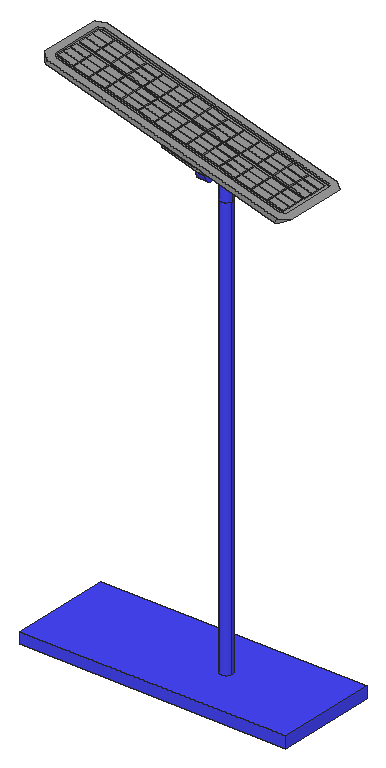
Revit family "BLS-6A", category Lighting Fixtures, host Face, Revit 2026
Family settings
  Host = Face
  Round Connector Dimension = Use Diameter
  Part Type = Normal
  Cut with Voids When Loaded = No
  Light Source = Yes
  Maintain Annotation Orientation = No
  Shared = No
  Room Calculation Point = No
Parameters (values of type "BLS-6A")
  Wattage Comments = "33.9W"
  Wattage = 33.9 W
  built-in parameter 1150110 = 1 (stored number, unit not read)
  Type Image = BLS-6A IMAGE.png
  Type Comments = ""
  built-in parameter 1114217 = 0.9 (stored number, unit not read)
  Tilt Angle = 30.00°
  built-in parameter 1150109 = 1 (stored number, unit not read)
  built-in parameter 1150134 = (empty or 0)
  built-in parameter 1150113 = 1 (stored number, unit not read)
  Photometric Web File = "BLS-6A-5700°K.ies"
  POLE MATERIAL = BRACKET
  POLE HEIGHT = 7.0 ft
  built-in parameter 1150142 = "IESNA:LM-63-2002\r\n[TEST] -         \r\n[TESTLAB]  BEGHELLI        \r\n[TESTDATE] 2017-2-14         \r\n[ISSUEDATE] 2017-2-14 15:9:47        \r\n[NEARFIELD]          \r\n[LAMPPOSITION] \"0,0\"         \r\n[OTHER] \r\n[MANUFAC] BEGHELLI    \r\n[LUMCAT] BLS-6A-5700°K         \r\n[OTHER] TOTAL LUMINAIRE WATTS REPRESENT LUMINAIRE POWER DELIVERY\r\nTILT=NONE\r\n1 6110.39 0.8 181 17 1 2 0 0 0\r\n1 1 33.9\r\n0 1 2 3 4 5 6 7 8 9 10 11 12 13 14 15 16 17 18 19 20 21 22 23 24 25 26 27 28 29 30 31 32 33 34 35 36 37 38 39 40 41 42 43 44 45 46 47 48 49 50 51 52 53 54 55 56 57 58 59 60 61 62 63 64 65 66 67 68 69 70 71 72 73 74 75 76 77 78 79 80 81 82 83 84 85 86 87 \r\n88 89 90 91 92 93 94 95 96 97 98 99 100 101 102 103 104 105 106 107 108 109 110 111 112 113 114 115 116 117 118 119 120 121 122 123 124 125 126 127 128 129 130 131 132 133 134 135 136 137 138 139 140 141 142 143 144 145 146 147 148 149 150 151 152 153 154\r\n 155 156 157 158 159 160 161 162 163 164 165 166 167 168 169 170 171 172 173 174 175 176 177 178 179 180\r\n0 22.5 45 67.5 90 112.5 135 157.5 180 202.5 225 247.5 270 292.5 315 337.5 360\r\n2083.505 2081.99 2076.73 2070.26 2064.82 2061.64 2053.45 2042.52 2037.08 2035.00 2037.02 2041.54 2051.86 2057.67 2062.25 2063.29 2063.35 2074.66 2092.68 2106.00 2113.27 2123.78 2128.18 2129.22 2116.21 2082.29 2050.21 2014.59 1981.23 1946.89 1919.45 \r\n1893.60 1867.70 1839.89 1818.45 1795.41 1765.65 1730.34 1687.01 1623.53 1555.76 1498.32 1440.15 1388.83 1345.99 1313.79 1290.20 1288.49 1313.48 1407.34 1544.58 1520.14 1320.63 1129.99 907.94 736.66 634.80 566.86 524.14 488.28 461.33 440.25 420.63 405.48 \r\n384.71 365.21 341.44 337.23 325.37 319.94 307.84 296.04 288.83 274.60 265.31 258.89 259.20 255.78 196.93 139.25 102.53 97.88 103.44 59.82 30.42 24.31 16.92 10.69 6.41 2.50 0.00 0.00 0.00 0.00 0.00 0.00 0.00 0.00 0.00 0.00 0.00 0.00 0.00 0.00 0.00 0.00 \r\n0.00 0.00 0.00 0.00 0.00 0.00 0.00 0.00 0.00 0.00 0.00 0.00 0.00 0.00 0.00 0.00 0.00 0.00 0.00 0.00 0.00 0.00 0.00 0.00 0.00 0.00 0.00 0.00 0.00 0.00 0.00 0.00 0.00 0.00 0.00 0.00 0.00 0.00 0.00 0.00 0.00 0.00 0.00 0.00 0.00 0.00 0.00 0.00 0.00 0.00 0.00 \r\n0.00 0.00 0.00 0.00 0.00 0.00 0.00 0.00 0.00 0.00 0.00 0.00 0.00 0.00 0.00 0.00 0.00 0.00 0.00 0.00 0.00 0.00 0.00 0.00\r\n2083.505 2082.54 2078.75 2069.46 2059.44 2054.12 2050.21 2043.86 2041.29 2041.29 2046.91 2054.25 2060.54 2062.07 2068.30 2078.08 2087.30 2093.05 2097.26 2102.21 2101.97 2096.41 2092.19 2090.67 2085.84 2082.23 2075.02 2059.44 2038.97 2011.78 1979.15 \r\n1944.57 1905.70 1867.64 1834.64 1806.90 1778.06 1746.83 1712.68 1666.79 1615.52 1560.83 1495.39 1436.36 1374.77 1319.53 1275.97 1241.87 1227.94 1225.62 1244.99 1357.91 1467.41 1399.52 1202.40 1035.95 871.09 766.73 691.75 651.79 615.25 586.47 558.12 528.30\r\n 502.39 479.66 456.32 443.55 431.76 417.58 399.00 387.21 368.70 356.29 345.60 327.21 307.10 278.26 260.48 245.82 221.80 171.51 130.33 91.96 87.19 68.61 35.68 24.25 19.06 13.07 7.76 2.44 0.06 0.00 0.00 0.00 0.00 0.00 0.00 0.00 0.00 0.00 0.00 0.00 0.00 0.00\r\n 0.00 0.00 0.00 0.00 0.00 0.00 0.00 0.00 0.00 0.00 0.00 0.00 0.00 0.00 0.00 0.00 0.00 0.00 0.00 0.00 0.00 0.00 0.00 0.00 0.00 0.00 0.00 0.00 0.00 0.00 0.00 0.00 0.00 0.00 0.00 0.00 0.00 0.00 0.00 0.00 0.00 0.00 0.00 0.00 0.00 0.00 0.00 0.00 0.00 0.00 0.00\r\n 0.00 0.00 0.00 0.00 0.00 0.00 0.00 0.00 0.00 0.00 0.00 0.00 0.00 0.00 0.00 0.00 0.00 0.00 0.00 0.00 0.00 0.00 0.30 0.00\r\n2083.505 2089.20 2088.59 2077.41 2065.98 2057.85 2057.36 2063.23 2072.76 2078.93 2083.64 2086.75 2089.50 2089.26 2089.26 2079.30 2067.20 2057.36 2048.69 2042.27 2041.90 2041.54 2027.24 2011.60 2002.06 1988.38 1983.12 1981.29 1978.84 1974.32 1969.80 \r\n1962.10 1953.61 1941.69 1928.98 1910.10 1902.46 1895.56 1886.15 1870.20 1851.08 1833.36 1813.44 1788.14 1754.72 1711.45 1667.52 1624.38 1573.79 1505.47 1428.42 1375.75 1341.10 1329.13 1327.17 1326.13 1337.19 1392.55 1364.87 1272.30 1167.81 1060.39 988.17 \r\n944.72 913.50 889.85 876.35 867.12 849.58 833.02 791.05 725.42 650.08 581.40 519.68 473.00 436.77 413.55 387.45 360.14 323.91 280.71 242.94 217.22 202.62 175.30 140.60 111.08 90.00 75.52 51.51 33.48 13.99 4.15 0.00 0.00 0.00 0.00 0.00 0.00 0.00 0.00 0.00 \r\n0.00 0.00 0.00 0.00 0.00 0.00 0.00 0.00 0.00 0.00 0.00 0.00 0.00 0.00 0.00 0.00 0.00 0.00 0.00 0.00 0.00 0.00 0.00 0.00 0.00 0.00 0.00 0.00 0.00 0.00 0.00 0.00 0.00 0.00 0.00 0.00 0.00 0.00 0.00 0.00 0.00 0.00 0.00 0.00 0.00 0.00 0.00 0.00 0.00 0.00 0.00 \r\n0.00 0.00 0.00 0.00 0.00 0.00 0.00 0.00 0.00 0.00 0.00 0.00 0.00 0.00 0.00 0.00 0.00 0.00 0.30 0.30 0.30 0.30 0.30 0.30 0.30 0.30 0.00\r\n2083.505 2089.50 2083.58 2066.71 2052.29 2043.07 2040.07 2039.40 2039.34 2038.30 2039.34 2044.23 2047.46 2048.56 2049.60 2046.12 2045.75 2047.16 2050.28 2059.56 2068.18 2070.75 2069.83 2070.13 2076.73 2081.32 2094.64 2091.70 2063.66 2044.10 2035.24 \r\n2024.25 2013.49 2014.22 2034.39 2058.22 2072.21 2069.46 2049.48 2026.87 2016.61 2019.85 2033.17 2034.75 2030.17 2023.33 2021.37 2026.57 2031.82 2034.02 2033.72 2029.99 2026.38 2023.82 2016.36 2008.79 2015.87 1996.63 1971.02 1929.17 1864.70 1785.45 1658.90\r\n 1547.70 1467.22 1344.28 1231.73 1136.10 1085.02 1105.91 1056.91 958.23 860.09 730.37 603.21 505.75 484.18 501.23 470.07 406.27 331.24 287.18 284.74 244.11 198.40 190.33 167.54 116.34 86.15 79.61 65.80 43.44 25.96 13.25 2.81 0.00 0.00 0.00 0.00 0.00 0.00 \r\n0.00 0.00 0.00 0.00 0.00 0.00 0.00 0.00 0.00 0.00 0.00 0.00 0.00 0.00 0.00 0.00 0.00 0.00 0.00 0.00 0.00 0.00 0.00 0.00 0.00 0.00 0.00 0.00 0.00 0.00 0.00 0.00 0.00 0.00 0.00 0.00 0.00 0.00 0.00 0.00 0.00 0.00 0.00 0.00 0.00 0.00 0.00 0.00 0.00 0.00 0.00 \r\n0.00 0.00 0.00 0.00 0.00 0.00 0.00 0.00 0.00 0.00 0.00 0.00 0.00 0.00 0.00 0.00 0.00 0.00 0.00 0.00 0.00 0.00 0.00 0.00 0.00 0.00 0.67 0.67 0.00\r\n2083.505 2094.39 2089.57 2076.79 2058.59 2050.03 2052.96 2065.49 2082.84 2098.61 2117.67 2129.59 2123.42 2114.13 2102.27 2086.08 2064.02 2043.13 2024.37 2012.82 2012.82 2012.57 2018.38 2051.13 2077.71 2074.84 2074.59 2076.61 2075.51 2067.51 2047.10 \r\n2041.60 2043.61 2055.96 2056.57 2047.46 2032.01 2019.91 2009.70 2002.06 1995.77 1987.64 1977.62 1967.72 1960.70 1954.16 1944.63 1936.62 1925.62 1910.90 1902.77 1896.23 1891.77 1894.22 1903.01 1907.96 1895.38 1854.01 1798.22 1728.56 1654.93 1567.19 1479.32\r\n 1390.29 1333.71 1321.55 1347.34 1325.22 1221.65 1096.63 958.84 836.26 760.98 777.60 803.94 743.45 639.20 546.08 494.94 425.03 323.78 329.83 339.79 269.22 196.14 140.53 106.62 80.59 64.58 56.03 47.72 35.99 25.60 14.66 5.43 0.00 0.00 0.30 0.00 0.97 0.67 \r\n0.67 0.67 0.67 0.67 0.97 0.97 0.97 0.97 0.97 0.97 0.97 0.97 0.97 0.97 0.97 0.97 0.97 0.97 0.97 0.97 0.97 0.97 0.97 0.97 0.97 0.97 0.97 0.97 0.97 0.97 0.97 0.97 0.97 0.97 0.97 0.97 0.97 0.97 0.97 0.97 0.97 0.97 0.97 0.97 0.97 0.97 0.97 0.97 0.97 0.97 0.97 \r\n0.97 0.97 0.97 0.97 0.97 0.97 0.97 0.97 0.97 0.97 0.97 0.97 0.97 0.97 0.97 0.97 0.67 0.67 0.67 0.67 0.67 0.67 0.97 0.30 0.30 0.30 0.30 0.30 0.00\r\n2083.505 2093.35 2089.63 2076.12 2063.35 2061.03 2065.25 2082.66 2111.87 2118.90 2108.63 2083.39 2046.36 1999.19 1959.90 1933.75 1930.69 1936.74 1939.07 1934.24 1919.15 1899.41 1892.57 1897.15 1909.68 1919.76 1920.55 1914.01 1901.18 1891.10 1888.29 \r\n1887.01 1890.61 1911.63 1934.73 1943.71 1943.40 1945.67 1953.30 1961.37 1963.14 1958.86 1947.38 1936.68 1923.91 1912.55 1894.28 1875.03 1859.51 1842.28 1824.25 1802.32 1765.90 1724.53 1674.85 1623.65 1570.06 1509.87 1440.52 1375.32 1314.58 1257.57 1205.70\r\n 1153.51 1091.13 1012.06 932.26 857.83 785.91 701.10 628.69 565.69 509.66 461.63 403.65 340.40 287.31 256.39 232.56 197.42 163.51 140.41 125.07 111.33 93.30 68.25 46.86 32.75 27.13 26.39 21.63 13.68 6.96 0.67 0.00 0.00 0.00 0.00 0.30 0.67 0.30 1.03 0.67 \r\n0.67 0.67 0.67 0.67 0.67 0.67 0.67 0.67 0.67 0.67 0.67 0.67 0.67 0.67 0.67 0.67 0.67 0.67 0.67 0.67 0.67 0.67 0.67 0.67 0.67 0.67 0.67 0.67 0.67 0.67 0.67 0.67 0.67 0.67 0.67 0.67 0.67 0.67 0.67 0.67 0.67 0.67 0.67 0.67 0.67 0.67 0.67 0.67 0.67 0.67 0.67 \r\n0.67 0.67 0.67 0.67 0.67 0.67 0.67 0.67 0.67 0.67 0.67 0.67 0.67 0.67 0.67 0.67 0.67 0.67 0.67 0.67 0.67 0.67 0.67 0.67 0.67 0.67 0.00\r\n2083.505 2090.24 2080.77 2064.82 2050.52 2034.39 2024.00 2012.82 1984.22 1935.95 1878.45 1823.03 1776.65 1739.56 1711.27 1704.43 1690.50 1651.21 1618.88 1601.77 1590.47 1583.14 1573.79 1562.97 1552.89 1540.73 1526.37 1510.24 1493.44 1474.37 1460.74 \r\n1452.07 1452.07 1452.74 1452.43 1452.07 1451.64 1448.04 1435.94 1419.99 1397.32 1374.53 1351.92 1333.65 1321.86 1308.17 1295.64 1282.08 1268.45 1254.89 1237.84 1211.01 1175.82 1129.56 1073.16 1013.71 954.62 897.86 842.80 795.32 760.43 724.08 674.34 604.92\r\n 530.32 460.05 399.80 367.66 353.60 325.25 286.33 250.77 222.96 207.20 193.57 184.90 176.83 161.92 145.48 125.75 110.90 111.14 106.62 97.88 79.00 51.63 32.81 22.91 20.89 19.36 12.83 5.56 0.00 0.00 0.00 0.00 0.00 0.00 0.00 0.30 0.00 0.00 0.67 0.67 1.03 \r\n1.03 1.03 1.03 1.03 1.03 1.03 1.03 1.03 1.03 1.03 1.03 1.03 1.03 1.03 1.03 1.03 1.03 1.03 1.03 1.03 1.03 1.03 1.03 1.03 1.03 1.03 1.03 1.03 1.03 1.03 1.03 1.03 1.03 1.03 1.03 1.03 1.03 1.03 1.03 0.67 0.67 0.67 0.67 0.67 0.67 0.67 0.67 0.67 0.67 0.67 0.67 \r\n0.67 0.67 0.67 0.67 0.67 0.67 0.67 0.67 0.67 0.67 0.67 0.67 0.67 0.67 0.67 0.30 0.30 0.30 0.30 0.30 0.30 0.30 0.30 0.30 0.00\r\n2083.505 2086.02 2072.39 2046.79 2016.48 1989.35 1962.04 1910.10 1866.29 1837.88 1806.90 1766.75 1714.75 1671.31 1639.35 1613.81 1596.76 1582.95 1567.80 1551.73 1528.63 1491.66 1447.30 1397.14 1341.78 1284.28 1216.88 1148.44 1087.22 1030.27 976.25 927.92 \r\n877.51 829.66 787.81 746.20 710.02 675.25 642.44 610.61 578.89 549.81 524.88 504.47 486.57 473.12 463.59 453.75 445.26 438.05 434.14 431.63 429.25 426.07 422.77 416.11 403.04 388.80 368.51 350.00 337.41 330.38 327.21 321.71 309.49 291.64 273.19 259.99 \r\n257.18 256.81 247.47 220.70 195.47 192.41 205.55 219.97 207.32 163.69 112.92 81.26 80.22 88.90 84.44 69.53 52.12 45.88 45.03 35.68 21.81 13.25 6.17 0.00 0.00 0.00 0.00 0.00 0.00 0.00 0.00 0.00 0.00 0.00 0.00 0.00 0.00 0.00 0.00 0.00 0.00 0.00 0.00 0.00 \r\n0.00 0.00 0.00 0.00 0.00 0.00 0.00 0.00 0.00 0.00 0.00 0.00 0.00 0.30 0.97 0.67 0.67 0.67 0.67 0.67 0.67 0.67 0.67 0.67 0.67 0.67 0.67 0.67 0.67 0.67 0.67 0.67 0.67 0.67 0.67 0.67 0.67 0.67 0.67 0.67 0.67 0.67 0.67 0.67 0.67 0.67 0.67 0.67 0.67 0.67 0.67 \r\n0.67 0.67 0.67 0.67 0.67 0.67 0.67 0.67 0.67 0.67 0.67 0.67 0.67 0.67 0.67 0.67 0.67 0.00\r\n2083.505 2084.86 2071.42 2049.18 2028.58 2005.06 1958.74 1891.65 1841.48 1812.34 1799.81 1757.77 1704.37 1671.80 1641.12 1610.27 1578.25 1544.03 1511.46 1476.02 1436.61 1383.82 1317.03 1243.76 1159.69 1064.24 961.89 866.69 781.21 706.72 638.59 579.99 \r\n542.29 511.13 485.04 464.51 445.38 430.96 417.21 402.43 390.39 377.01 364.11 353.18 344.38 336.92 330.38 324.03 316.57 311.44 308.20 303.74 303.07 302.70 303.07 303.44 304.90 308.39 312.30 321.28 329.71 339.18 338.76 335.58 326.11 310.65 306.98 312.54 \r\n317.06 308.57 285.78 258.71 233.60 201.52 160.58 125.44 121.96 131.06 128.80 113.40 95.19 82.18 70.51 33.42 8.86 0.00 0.00 0.00 0.00 0.00 0.00 0.00 0.00 0.00 0.00 0.00 0.00 0.00 0.00 0.00 0.00 0.00 0.00 0.00 0.00 0.00 0.00 0.00 0.00 0.00 0.00 0.00 0.00 \r\n0.00 0.00 0.00 0.00 0.00 0.00 0.00 0.00 0.00 0.00 0.00 0.00 0.00 0.00 0.00 0.00 0.00 0.00 0.00 0.00 0.00 0.00 0.00 0.00 0.00 0.00 0.00 0.00 0.00 0.00 0.00 0.00 0.30 0.30 0.30 0.30 0.30 0.30 0.30 0.30 0.30 0.30 0.30 0.30 0.30 0.30 0.30 0.30 0.30 0.30 0.30 \r\n0.30 0.30 0.30 0.30 0.30 0.30 0.30 0.30 0.30 0.30 0.30 0.00 0.00 0.00 0.00 0.00 0.00\r\n2083.505 2075.45 2062.43 2046.18 2025.22 2014.84 1984.59 1928.86 1879.98 1845.33 1808.61 1754.59 1687.32 1649.01 1624.63 1608.49 1591.93 1572.63 1551.73 1524.48 1489.65 1448.83 1401.41 1350.64 1292.28 1231.61 1171.36 1118.69 1073.04 1021.47 965.99 910.69 \r\n862.54 818.05 777.79 738.68 702.20 663.22 621.91 587.69 553.78 525.67 501.78 486.57 473.92 461.76 450.76 441.59 437.56 432.12 427.84 424.73 419.23 411.41 402.12 392.83 383.36 366.68 350.06 338.08 331.54 330.51 326.23 312.30 291.16 270.87 257.85 259.44 \r\n267.39 265.67 248.99 222.11 209.28 215.69 231.64 220.52 178.72 124.10 84.01 75.46 80.77 80.90 74.30 62.50 52.48 46.37 34.21 21.14 13.62 9.28 0.67 0.00 0.00 0.00 0.00 0.00 0.00 0.00 0.00 0.00 0.00 0.00 0.00 0.00 0.00 0.30 0.00 0.00 0.00 0.00 0.00 0.00 0.00\r\n 0.00 0.00 0.00 0.00 0.00 0.00 0.00 0.00 0.00 0.00 0.30 0.67 0.67 0.67 0.67 0.67 0.67 0.30 0.30 0.30 0.30 0.30 0.30 0.30 0.30 0.30 0.30 0.30 0.30 0.30 0.30 0.67 0.00 0.00 0.00 0.00 0.00 0.00 0.00 0.30 0.00 0.00 0.00 0.00 0.00 0.00 0.00 0.00 0.00 0.00 0.00\r\n 0.00 0.00 0.00 0.00 0.00 0.00 0.00 0.00 0.00 0.00 0.00 0.00 0.00 0.00 0.00 0.00 0.00\r\n2083.505 2066.96 2058.04 2044.71 2044.71 2044.23 2036.40 2008.42 1948.05 1879.49 1816.19 1763.51 1727.04 1709.99 1710.42 1696.73 1655.06 1619.98 1600.12 1595.66 1594.20 1589.98 1583.75 1572.26 1559.55 1543.72 1524.90 1503.76 1486.23 1470.34 1462.76 \r\n1458.61 1459.71 1463.13 1463.13 1461.60 1455.06 1447.91 1431.84 1404.47 1375.93 1356.93 1338.54 1322.53 1312.69 1304.26 1292.77 1272.79 1244.56 1209.49 1173.43 1131.39 1082.76 1026.30 965.01 905.92 852.70 808.58 771.68 737.03 694.69 637.92 565.27 486.87 \r\n420.76 378.59 357.33 337.59 310.16 276.49 246.30 223.39 207.38 199.80 189.17 175.42 157.40 137.91 123.55 117.68 114.93 111.63 99.17 70.39 46.07 26.94 22.05 20.95 18.14 11.05 5.25 0.00 0.00 0.00 0.00 0.00 0.00 0.00 0.30 0.00 0.00 0.00 0.30 0.97 0.67 0.97 \r\n0.97 0.97 0.97 0.97 0.97 0.97 0.97 0.97 0.97 0.97 0.97 0.97 0.97 0.97 0.97 0.97 0.97 0.97 0.97 0.97 0.97 0.97 0.97 0.97 0.97 0.97 0.97 0.97 0.97 0.97 0.97 0.97 0.97 0.97 0.97 0.97 0.97 0.97 0.97 0.67 0.67 0.67 0.67 0.67 0.67 0.67 0.67 0.67 0.67 0.67 0.67 \r\n0.67 0.67 0.67 0.67 0.67 0.67 0.67 0.67 0.67 0.67 0.67 0.67 0.67 0.67 0.67 0.67 0.67 0.67 0.67 0.67 0.97 0.30 0.30 0.00\r\n2083.505 2058.34 2047.89 2049.54 2068.00 2088.83 2109.49 2120.24 2112.66 2090.85 2055.22 2008.36 1961.25 1941.82 1944.93 1958.01 1960.51 1947.99 1924.52 1891.16 1867.94 1861.46 1861.59 1869.22 1871.36 1870.81 1866.05 1864.28 1866.72 1866.41 1869.29 \r\n1887.37 1906.56 1924.03 1943.10 1955.20 1958.50 1962.96 1962.16 1955.14 1940.53 1926.42 1915.30 1903.08 1887.80 1874.05 1858.90 1843.93 1831.40 1817.41 1792.60 1757.04 1720.68 1678.09 1626.34 1567.25 1500.34 1432.33 1372.57 1312.81 1250.79 1174.72 1085.08\r\n 1000.08 927.86 857.77 784.51 711.06 634.99 560.68 497.81 455.59 403.16 338.02 287.86 260.79 237.63 202.98 170.66 148.91 136.50 121.90 100.08 74.24 49.49 35.68 30.00 28.16 25.66 17.17 10.99 3.42 0.67 0.30 0.00 0.30 0.67 0.67 0.67 0.97 0.67 0.67 0.67 0.67 \r\n0.67 0.67 0.67 0.67 0.67 0.67 0.67 0.67 0.67 0.67 0.67 0.67 0.67 0.67 0.67 0.67 0.67 0.67 0.67 0.67 0.67 0.67 0.67 0.67 0.67 0.67 0.67 0.67 0.67 0.67 0.67 0.67 0.67 0.67 0.67 0.67 0.67 0.67 0.67 0.67 0.67 0.67 0.67 0.97 0.30 0.67 0.30 0.30 0.30 0.30 0.30 \r\n0.30 0.30 0.30 0.30 0.30 0.30 0.30 0.30 0.30 0.30 0.30 0.30 0.30 0.30 0.30 0.30 0.30 0.30 0.30 0.30 0.30 0.30 0.30 0.30 0.30 0.00\r\n2083.505 2048.50 2038.79 2038.05 2046.98 2065.67 2079.97 2095.92 2107.96 2118.04 2121.16 2120.18 2110.89 2093.23 2080.77 2063.96 2043.00 2029.44 2035.49 2049.11 2065.80 2093.11 2110.16 2117.49 2106.31 2097.63 2091.09 2091.34 2092.38 2095.49 2094.58 \r\n2094.21 2093.84 2086.51 2076.86 2064.94 2051.80 2044.53 2040.19 2036.04 2032.19 2032.07 2032.43 2025.16 2014.16 2003.23 1991.13 1979.82 1969.62 1966.50 1966.44 1967.85 1969.92 1958.99 1927.09 1885.42 1828.90 1761.31 1663.67 1557.23 1472.29 1441.50 1460.50\r\n 1504.68 1515.62 1462.27 1361.27 1206.55 1023.12 957.07 979.31 1001.92 937.88 824.23 725.24 669.45 651.00 483.51 363.44 330.38 272.82 235.12 199.07 155.50 117.19 83.46 67.45 55.36 41.97 27.86 20.71 11.85 5.74 1.03 0.00 0.00 0.00 0.00 0.00 0.00 0.00 0.00 \r\n0.00 0.00 0.00 0.00 0.00 0.00 0.00 0.00 0.00 0.00 0.00 0.00 0.00 0.00 0.00 0.00 0.00 0.00 0.00 0.00 0.00 0.00 0.00 0.00 0.00 0.00 0.00 0.00 0.00 0.00 0.00 0.00 0.00 0.00 0.00 0.00 0.00 0.00 0.00 0.00 0.00 0.00 0.00 0.00 0.00 0.00 0.00 0.00 0.00 0.00 0.00 \r\n0.67 0.30 0.30 0.97 0.67 0.67 0.67 0.67 0.67 0.67 0.67 0.67 0.67 0.67 0.67 0.67 0.67 0.67 0.67 0.67 0.67 0.67 0.67 0.67 0.67 0.67 0.67 0.00
    \r\n2083.505 2054.37 2039.09 2037.63 2032.19 2028.09 2038.36 2051.38 2057.30 2066.22 2076.67 2081.32 2082.78 2078.57 2075.02 2075.33 2083.64 2093.96 2098.91 2097.26 2091.34 2096.10 2104.96 2116.39 2128.79 2132.52 2149.02 2158.61 2160.02 2149.94 2140.89 \r\n2142.73 2175.66 2212.87 2226.44 2222.65 2184.28 2147.43 2122.01 2108.69 2101.85 2090.48 2082.84 2079.97 2080.28 2079.97 2091.95 2103.31 2116.82 2132.34 2146.58 2163.99 2176.94 2188.43 2189.35 2168.21 2122.26 2057.55 1987.46 1903.14 1787.04 1630.74 1522.95\r\n 1485.92 1467.53 1478.65 1483.72 1426.22 1314.65 1184.49 991.83 770.70 672.57 645.68 651.73 630.28 555.12 441.59 372.06 369.86 327.39 250.83 236.22 211.78 133.08 98.25 90.73 76.31 54.68 40.32 29.94 18.08 6.59 1.09 0.00 0.00 0.00 0.00 0.00 0.00 0.00 0.00 \r\n0.00 0.00 0.00 0.00 0.00 0.00 0.00 0.00 0.00 0.00 0.00 0.00 0.00 0.00 0.00 0.00 0.00 0.00 0.00 0.00 0.00 0.00 0.00 0.00 0.00 0.00 0.00 0.00 0.00 0.00 0.00 0.00 0.00 0.00 0.00 0.00 0.00 0.00 0.00 0.00 0.00 0.00 0.00 0.00 0.00 0.00 0.00 0.00 0.00 0.00 0.00 \r\n0.00 0.00 0.30 0.67 0.30 0.30 0.30 0.30 0.30 0.30 0.30 0.30 0.30 0.30 0.30 0.30 0.30 0.30 0.30 0.30 0.30 0.30 0.30 0.30 0.30 0.30 0.30 0.00\r\n2083.505 2063.96 2052.23 2046.61 2039.83 2038.30 2049.54 2065.12 2079.79 2091.28 2096.96 2097.81 2091.58 2086.94 2078.08 2072.76 2068.79 2060.85 2057.49 2067.45 2078.38 2087.67 2098.00 2100.32 2094.70 2073.86 2060.48 2049.36 2048.93 2058.10 2063.05 \r\n2053.94 2037.57 2019.78 2004.08 1989.05 1981.11 1973.90 1962.29 1948.42 1928.98 1906.86 1885.29 1867.27 1849.30 1821.81 1764.68 1710.60 1656.46 1605.01 1560.28 1526.61 1523.07 1524.35 1503.40 1469.06 1477.12 1522.46 1491.91 1389.50 1292.28 1199.53 1148.87\r\n 1125.47 1102.98 1068.46 1031.67 983.10 916.37 841.03 749.07 657.78 580.18 522.74 506.00 490.17 465.67 427.48 371.45 315.78 267.39 243.19 234.76 218.87 185.63 150.37 128.50 105.89 82.91 58.35 33.72 15.21 5.13 0.12 0.00 0.00 0.00 0.00 0.00 0.00 0.00 0.00 \r\n0.00 0.00 0.00 0.00 0.00 0.00 0.00 0.00 0.00 0.00 0.00 0.00 0.00 0.00 0.00 0.00 0.00 0.00 0.00 0.00 0.00 0.00 0.00 0.00 0.00 0.00 0.00 0.00 0.00 0.00 0.00 0.00 0.00 0.00 0.00 0.00 0.00 0.00 0.00 0.00 0.00 0.00 0.00 0.00 0.00 0.00 0.00 0.00 0.00 0.00 0.00 \r\n0.00 0.00 0.00 0.00 0.00 0.00 0.00 0.00 0.00 0.00 0.00 0.00 0.00 0.00 0.00 0.00 0.00 0.00 0.30 0.30 0.30 0.30 0.67 0.97 0.67 0.67 0.67 0.00\r\n2083.505 2074.59 2068.42 2063.29 2055.10 2052.66 2061.40 2076.06 2087.18 2097.88 2100.62 2100.32 2100.62 2103.74 2106.25 2108.02 2107.65 2102.09 2095.55 2091.52 2091.52 2100.62 2110.83 2114.56 2111.93 2098.67 2075.82 2042.27 2007.50 1972.00 1925.75 \r\n1884.74 1842.28 1806.04 1771.09 1743.90 1725.26 1701.86 1680.72 1648.70 1605.62 1555.82 1497.96 1444.06 1387.66 1342.39 1304.81 1270.16 1250.30 1238.88 1253.79 1383.02 1489.46 1401.29 1214.25 1065.10 913.62 812.13 738.80 687.96 651.00 621.12 592.40 569.06\r\n 549.32 531.11 512.72 494.94 472.76 454.42 437.38 422.28 409.02 396.80 372.67 349.20 315.72 292.62 275.21 249.73 221.92 170.17 126.48 103.51 91.10 67.15 36.35 24.44 19.67 11.36 5.31 0.30 0.00 0.00 0.00 0.00 0.00 0.00 0.00 0.00 0.00 0.00 0.00 0.00 0.00 \r\n0.00 0.00 0.00 0.00 0.00 0.00 0.00 0.00 0.00 0.00 0.00 0.00 0.00 0.00 0.00 0.00 0.00 0.00 0.00 0.00 0.00 0.00 0.00 0.00 0.00 0.00 0.00 0.00 0.00 0.00 0.00 0.00 0.00 0.00 0.00 0.00 0.00 0.00 0.00 0.00 0.00 0.00 0.00 0.00 0.00 0.00 0.00 0.00 0.00 0.00 0.00 \r\n0.00 0.00 0.00 0.00 0.00 0.00 0.00 0.00 0.00 0.00 0.00 0.00 0.00 0.00 0.00 0.00 0.00 0.00 0.00 0.00 0.00 0.00 0.00 0.00 0.00\r\n2083.505 2081.99 2076.73 2070.26 2064.82 2061.64 2053.45 2042.52 2037.08 2035.00 2037.02 2041.54 2051.86 2057.67 2062.25 2063.29 2063.35 2074.66 2092.68 2106.00 2113.27 2123.78 2128.18 2129.22 2116.21 2082.29 2050.21 2014.59 1981.23 1946.89 1919.45 \r\n1893.60 1867.70 1839.89 1818.45 1795.41 1765.65 1730.34 1687.01 1623.53 1555.76 1498.32 1440.15 1388.83 1345.99 1313.79 1290.20 1288.49 1313.48 1407.34 1544.58 1520.14 1320.63 1129.99 907.94 736.66 634.80 566.86 524.14 488.28 461.33 440.25 420.63 405.48 \r\n384.71 365.21 341.44 337.23 325.37 319.94 307.84 296.04 288.83 274.60 265.31 258.89 259.20 255.78 196.93 139.25 102.53 97.88 103.44 59.82 30.42 24.31 16.92 10.69 6.41 2.50 0.00 0.00 0.00 0.00 0.00 0.00 0.00 0.00 0.00 0.00 0.00 0.00 0.00 0.00 0.00 0.00 \r\n0.00 0.00 0.00 0.00 0.00 0.00 0.00 0.00 0.00 0.00 0.00 0.00 0.00 0.00 0.00 0.00 0.00 0.00 0.00 0.00 0.00 0.00 0.00 0.00 0.00 0.00 0.00 0.00 0.00 0.00 0.00 0.00 0.00 0.00 0.00 0.00 0.00 0.00 0.00 0.00 0.00 0.00 0.00 0.00 0.00 0.00 0.00 0.00 0.00 0.00 0.00 \r\n0.00 0.00 0.00 0.00 0.00 0.00 0.00 0.00 0.00 0.00 0.00 0.00 0.00 0.00 0.00 0.00 0.00 0.00 0.00 0.00 0.00 0.00 0.00 0.00\r\n"
  Model = "BLS-6A"
  Manufacturer = "BEGHELLI"
  built-in parameter 1150105 = 388.47 (stored number, unit not read)
  Lumens = 4881.6 lm
  built-in parameter 1150115 = 1 (stored number, unit not read)
  built-in parameter 1150137 = (empty or 0)
  built-in parameter 1150139 = (empty or 0)
  built-in parameter 1150112 = 1 (stored number, unit not read)
  built-in parameter 1150114 = 1 (stored number, unit not read)
  Lamp = "LED"
  Keynote = "LUCE SOLARE"
  built-in parameter 1150132 = (empty or 0)
  built-in parameter 1150102 = (empty or 0)
  built-in parameter 1150107 = 5700 (stored number, unit not read)
  built-in parameter 1150138 = (empty or 0)
  built-in parameter 1150106 = 3.8847 (stored number, unit not read)
  Emit from Line Length = 2.0 ft
  built-in parameter 1150104 = 13.378 (stored number, unit not read)
  Dimming Lamp Color Temperature Shift = <None>
  Description = "solution that integrates the solar panel, battery and LED module \r\ninto a single low-profile fixture. BLS-8A utilitizes battery \r\ntechnology that will not drain below 10% capacity to \r\nensure reliable re-charge for maximum performance."
  Default Elevation = 4.0 ft
  Color Filter = 16777215
  built-in parameter 1114218 = 1 (stored number, unit not read)
  built-in parameter 1150133 = 10 (stored number, unit not read)
Reference planes (ft)
  plane 1 "Center (Front/Back)": y = 0
  plane 2: z = 0
  plane 3 "Center (Left/Right)": x = 0
  plane 4: z = 7
  plane 5: z = 7.836389
Forms (ft)
  Extrusion 1, solid, material "BRACKET" <- "POLE MATERIAL"
    sketch origin (0, 0, 0) x (1, 0, 0) y (0, 1, 0)
      loop
        line (-2.75, 0.833333) -> (-2.75, -0.835204) -> (1.645925, -0.835204) -> (1.645925, 0.833333) -> (-2.75, 0.833333)
    from 0 to -0.187286
  Extrusion 2, solid, material "BRACKET" <- "POLE MATERIAL"
    sketch origin (0, 0, 0) x (1, 0, 0) y (0, 1, 0)
      loop
        circle (-0.007749, 0) r 0.003666
      loop
        circle (-0.007686, 0) r 0.098958
      loop
        circle (-0.007686, 0) r 0.092021
    from 0 to 7
Dimensions and locks (ft)
  "POLE HEIGHT": plane 4 to level
  locked: plane 5 to plane 4 at 0.836389
  aligned and locked: plane 2 to Extrusion 1
  aligned and locked: level to Extrusion 1
  aligned and locked: Extrusion 2 to Extrusion 1
  aligned and locked: plane 4 to Extrusion 2
  aligned and locked: imposter light to plane 5
  aligned and locked: nested 1 to plane 4
Automatic sketch dimensions
  Extrusion 1 sketch curve to Extrusion 1 sketch curve = 4.395925 ft
  Extrusion 1 sketch curve to Extrusion 1 sketch curve = 1.668537 ft
  Extrusion 2 sketch curve to Extrusion 2 sketch curve = 0.003666 ft
  Extrusion 2 sketch curve to Extrusion 2 sketch curve = 0.0 ft  (x2)
  plane 1 "Center (Front/Back)" to Extrusion 2 sketch curve = 0.0 ft  (x2)
  Extrusion 2 sketch curve to Extrusion 2 sketch curve = 0.000063 ft
  Extrusion 2 sketch curve to Extrusion 2 sketch curve = 0.006937 ft
  Extrusion 2 sketch curve to plane 3 "Center (Left/Right)" = 0.007749 ft
  Extrusion 2 sketch curve to Extrusion 2 sketch curve = 0.088292 ft
Nested families (ft)
  nested 1: "BLS-6A - LIGHT FIXTURE" at (-0.578125, 0, 7.881441), type "BLS-6A - LIGHT FIXTURE"
Definition of nested family "BLS-6A - LIGHT FIXTURE"
  Parameters (values of type "BLS-6A - LIGHT FIXTURE")
    PANEL = none
    Default Elevation = 0.0 ft
  Reference planes (ft)
    plane 1 "Center (Front/Back)": y = 0
    plane 2: z = 0
    plane 3 "Center (Left/Right)": x = 0
    plane 4: x = 2.104167
    plane 5: y = 0.625
    plane 6: x = -2.104167
    plane 7: y = -0.625
  Forms (ft)
    Extrusion 1, solid, material <- "PANEL"
      sketch origin (-0.071246, 0, 0.017614) x (0.965926, 0, -0.258819) y (0, 1, 0)
        loop
          line (-1.912645, 0.625) -> (-2.049606, 0.517245) -> (-2.049606, -0.485995) -> (-1.9106, -0.625) -> (2.019722, -0.625) -> (2.158728, -0.485995) -> (2.158728, 0.517245) -> (2.021767, 0.625) -> (-1.912645, 0.625)
      from 0 to 0.071648
    Extrusion 2, void
      sketch origin (-0.01679, 0, 0.002593) x (0.965926, 0, -0.258819) y (0, 1, 0)
        loop
          line (1.922001, 0.5) -> (-1.925855, 0.5) -> (-1.981094, 0.45654) -> (-1.981094, -0.434218) -> (-1.915312, -0.5) -> (1.911457, -0.5) -> (1.97724, -0.434218) -> (1.97724, 0.45654) -> (1.922001, 0.5)
      from 0.044315 to 0.109247
    Extrusion 3, void
      sketch origin (0.931975, 0, -0.252072) x (0.93358, 0, -0.358368) y (0.358368, 0, 0.93358)
        loop
          line (1.100821, 0.188592) -> (1.020317, 0.108088) -> (1.021773, 0.094237) -> (1.138147, 0.106468) -> (1.129202, 0.191575) -> (1.100821, 0.188592)
      from -0.695997 to 0.710678
    Extrusion 4, void
      sketch origin (-0.9695, 0, 0.257427) x (-0.987688, 0, 0.156434) y (-0.156434, 0, -0.987688)
        loop
          line (1.100821, -0.188592) -> (1.129202, -0.191575) -> (1.138147, -0.106468) -> (1.021773, -0.094237) -> (1.020317, -0.108088) -> (1.100821, -0.188592)
      from -0.695997 to 0.710678
  Cuts and joins
    Extrusion 2, Extrusion 3, Extrusion 4 cuts Extrusion 1
  Dimensions and locks (ft)
    plane 5 to plane 1 "Center (Front/Back)" = 0.625 ft
    aligned and locked: plane 2 to level
  Nested families (ft)
    nested 1: "BLS-6A - SOLAR CELLS" at (-0.416667, 0, 0.161458), type "BLS-6A - SOLAR CELLS"
    nested 2: "BLS-6A - SOLAR CELLS" at (-0.416667, 0, 0.161458), type "BLS-6A - SOLAR CELLS"
    nested 3: "BLS-6A - LED" at (0.458333, 0, 0.354167), type "BLS-6A - LED"
    nested 4: "DRIVER" at (-0.479167, -0.01436, 0.204427), type "DRIVER"
    nested 5: "BRACKET" at (-0.479167, 0, 0.171875), type "BRACKET"
  Definition of nested family "BLS-6A - SOLAR CELLS"
    Parameters (values of type "BLS-6A - SOLAR CELLS")
      SOLAR PANEL = none
      Default Elevation = 0.0 ft
    Reference planes (ft)
      plane 1 "Center (Front/Back)": y = 0
      plane 2: z = 0
      plane 3 "Center (Left/Right)": x = 0
    Forms (ft)
      Extrusion 1, solid, material <- "SOLAR PANEL"
        sketch origin (-0.309798, -0.020833, 0.082835) x (0.965926, 0, -0.258819) y (0, 1, 0)
          loop
            line (-1.191096, 0.447917) -> (-1.191096, 0.320978) -> (-0.938678, 0.320978) -> (-0.938678, 0.447917) -> (-1.191096, 0.447917)
        from 0 to 0.018253
